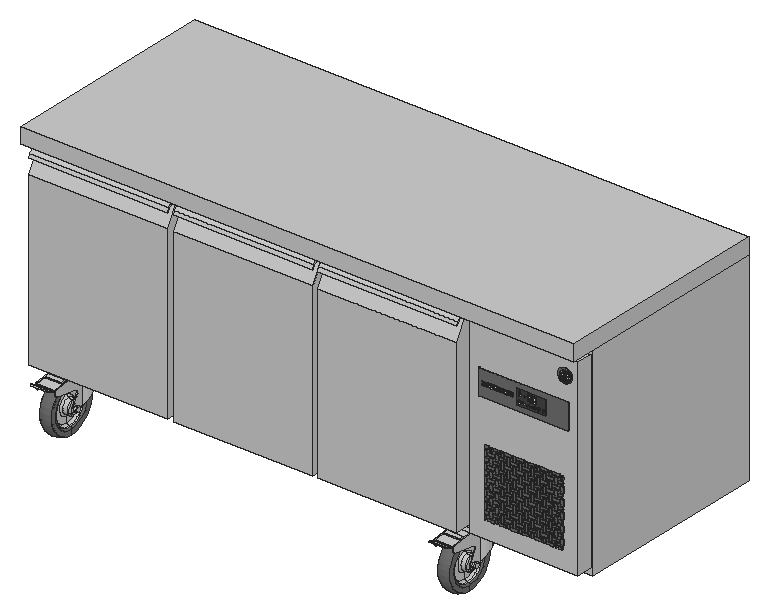
Revit family "QF_HOSHIZAKI_899020861", category Specialty Equipment, Revit 2016 (continued)
Definition of nested family "QF_HOSHIZAKI_ADVANCE_REF-COUNTER-DOORS-DRAWERS"
  Definition of nested family "Left_Door"
    Automatic sketch dimensions
      Extrusion 2 sketch curve to Extrusion 2 sketch curve = 18.812 mm
      Extrusion 2 sketch curve to plane 7 "Front door" = 11 mm
      Extrusion 2 sketch curve to plane 10 = 66.98 mm
      Extrusion 2 sketch curve to plane 10 = 20.008 mm
      Extrusion 2 sketch curve to Extrusion 2 sketch curve = 0.877 mm  (x2)
  Definition of nested family "3_Drawers_1-3"
    Parameters (values of type "3 Drawers 1-3")
      Worktop thickness [instance] = 50 mm
      URL = "www.specifiglobal.com"
      Section size [instance] = 446 mm
      Model = ""
      Manufacturer = "DEMO CONSULTANT"
      Legs height [instance] = 150 mm
      Height Actual [instance] = 850 mm
      Description = ""
      Depth Actual [instance] = 700 mm
      Assembly Code = "E1090320"
      3 Drawers = yes
    Reference planes
      plane 1 "Back": y = 0
      plane 2: z = 0
      plane 3 "Left": x = 0
      plane 4 "Right": x = 446
      plane 5 "Front": y = -700
      plane 6 "Top": z = 850
      plane 7 "Front door": y = -633
      plane 8 "Bottom shelf": z = 150
      plane 9 "Worktop bottom": z = 800
      plane 10: z = 784
      plane 11: z = 170
      plane 12: z = 584
      plane 13: z = 577
      plane 14: z = 370
      plane 15: z = 377
      plane 16: z = 580.5
      plane 17: z = 373.5
      plane 18: z = 166.5
      plane 19: z = 787.5
    Forms (mm)
      Extrusion 1, solid, visible <- "3 Drawers"
        sketch origin (860, -633, 4000) x (-1, 0, 0) y (0, 0, 1)
          loop
            line (852, -3224) -> (422, -3224) -> (422, -3408) -> (852, -3408) -> (852, -3224)
          loop
            line (823, -3253) -> (451, -3253) -> (451, -3379) -> (823, -3379) -> (823, -3253)
        from 0 to -11
      Extrusion 2, solid, visible <- "3 Drawers"
        sketch origin (0, 0, 0) x (0, 1, 0) y (0, 0, 1)
          loop
            line (-644, 784) -> (-675.296, 784)
            arc (-675.296, 784) -> (-683.245, 781.721) -> (-688.778, 775.576) r 15
            line (-688.778, 775.576) -> (-694, 764.869) -> (-692.202, 763.992) -> (-686.981, 774.699)
            arc (-686.981, 774.699) -> (-682.185, 780.025) -> (-675.296, 782) r 13
            line (-675.296, 782) -> (-656.484, 782) -> (-694, 717.02) -> (-694, 584) -> (-644, 584) -> (-644, 784)
        from 0 to 446
      Extrusion 3, solid, visible <- "3 Drawers"
        sketch origin (0, 0, -237.3) x (0, 1, 0) y (0, 0, 1)
          loop
            line (-644, 814.3) -> (-675.296, 814.3)
            arc (-675.296, 814.3) -> (-683.245, 812.021) -> (-688.778, 805.876) r 15
            line (-688.778, 805.876) -> (-694, 795.169) -> (-692.202, 794.292) -> (-686.981, 804.999)
            arc (-686.981, 804.999) -> (-682.185, 810.325) -> (-675.296, 812.3) r 13
            line (-675.296, 812.3) -> (-656.484, 812.3) -> (-694, 747.32) -> (-694, 614.3) -> (-644, 614.3) -> (-644, 814.3)
        from 0 to 446
      Extrusion 4, solid, visible <- "3 Drawers"
        sketch origin (0, 0, -463.333) x (0, 1, 0) y (0, 0, 1)
          loop
            line (-644, 833.333) -> (-675.296, 833.333)
            arc (-675.296, 833.333) -> (-683.245, 831.054) -> (-688.778, 824.909) r 15
            line (-688.778, 824.909) -> (-694, 814.202) -> (-692.202, 813.326) -> (-686.981, 824.032)
            arc (-686.981, 824.032) -> (-682.185, 829.358) -> (-675.296, 831.333) r 13
            line (-675.296, 831.333) -> (-656.484, 831.333) -> (-694, 766.353) -> (-694, 633.333) -> (-644, 633.333) -> (-644, 833.333)
        from 0 to 446
      Extrusion 5, solid, visible <- "3 Drawers"
        sketch origin (860, -633, 3773.7) x (-1, 0, 0) y (0, 0, 1)
          loop
            line (852, -3204.7) -> (422, -3204.7) -> (422, -3388.7) -> (852, -3388.7) -> (852, -3204.7)
          loop
            line (823, -3233.7) -> (451, -3233.7) -> (451, -3359.7) -> (823, -3359.7) -> (823, -3233.7)
        from 0 to -11
      Extrusion 6, solid, visible <- "3 Drawers"
        sketch origin (860, -633, 3547) x (-1, 0, 0) y (0, 0, 1)
          loop
            line (852, -3185) -> (422, -3185) -> (422, -3369) -> (852, -3369) -> (852, -3185)
          loop
            line (823, -3214) -> (451, -3214) -> (451, -3340) -> (823, -3340) -> (823, -3214)
        from 0 to -11
      Extrusion 7, solid, visible <- "3 Drawers", detail levels coarse
        sketch origin (0, -608.657, 584) x (0, 1, 0) y (-1, 0, 0)
          loop
            line (-85.343, 0) -> (-551.343, 0) -> (-551.343, -446) -> (-85.343, -446) -> (-85.343, 0)
        from 0 to 200
      Extrusion 8, solid, visible <- "3 Drawers", detail levels coarse
        sketch origin (0, -503.657, 377) x (0, 1, 0) y (-1, 0, 0)
          loop
            line (-190.343, 0) -> (-656.343, 0) -> (-656.343, -446) -> (-190.343, -446) -> (-190.343, 0)
        from 0 to 200
      Extrusion 9, solid, visible <- "3 Drawers", detail levels coarse
        sketch origin (0, -343.657, 170) x (0, 1, 0) y (-1, 0, 0)
          loop
            line (-350.343, 0) -> (-816.343, 0) -> (-816.343, -446) -> (-350.343, -446) -> (-350.343, 0)
        from 0 to 200
    Lines and regions (mm)
      symbolic lines, visible <- "3 Drawers"
        curve 1: line (0, -808, 850) -> (0, -854, 850)
        curve 2: line (0, -854, 850) -> (446, -854, 850)
        curve 3: line (446, -854, 850) -> (446, -808, 850)
        curve 4: line (446, -808, 850) -> (0, -808, 850)
        curve 5: line (416, -808, 850) -> (416, -700, 850)
        curve 6: line (30, -808, 850) -> (30, -700, 850)
        curve 7: line (0, -961, 850) -> (0, -1007, 850)
        curve 8: line (0, -1007, 850) -> (446, -1007, 850)
        curve 9: line (446, -1007, 850) -> (446, -961, 850)
        curve 10: line (446, -961, 850) -> (0, -961, 850)
        curve 11: line (416, -961, 850) -> (416, -854, 850)
        curve 12: line (30, -961, 850) -> (30, -854, 850)
        curve 13: line (0, -1114, 850) -> (0, -1160, 850)
        curve 14: line (0, -1160, 850) -> (446, -1160, 850)
        curve 15: line (446, -1160, 850) -> (446, -1114, 850)
        curve 16: line (446, -1114, 850) -> (0, -1114, 850)
        curve 17: line (416, -1114, 850) -> (416, -1007, 850)
        curve 18: line (30, -1114, 850) -> (30, -1007, 850)
    Dimensions and locks
      "Section size": plane 3 "Left" to plane 4 "Right"
      "Depth Actual": plane 5 "Front" to plane 1 "Back"
      "Height Actual": plane 6 "Top" to level
      locked: plane 7 "Front door" to plane 5 "Front" at 67
      "Legs height": plane 8 "Bottom shelf" to plane 2
      "Worktop thickness": plane 6 "Top" to plane 9 "Worktop bottom"
      locked: plane 11 to plane 8 "Bottom shelf" at 20
      locked: plane 9 "Worktop bottom" to plane 10 at 16
      locked: plane 12 to plane 13 at 7
      locked: plane 15 to plane 14 at 7
      locked: plane 11 to plane 18 at 3.5
      equal spacing: plane 12, plane 16, plane 13
      equal spacing: plane 15, plane 17, plane 14
      locked: plane 19 to plane 10 at 3.5
      equal spacing: plane 19, plane 16, plane 17, plane 18
      aligned and locked: level to plane 2
      aligned and locked: Extrusion 2 to plane 4 "Right"
      aligned and locked: Extrusion 3 to plane 4 "Right"
      aligned and locked: Extrusion 4 to plane 4 "Right"
      aligned and locked: plane 4 "Right" to Extrusion 7 sketch curve
      aligned and locked: plane 3 "Left" to Extrusion 7 sketch curve
      aligned and locked: Extrusion 7 to plane 10
      aligned and locked: Extrusion 8 to plane 13
      aligned and locked: Extrusion 9 to plane 14
      aligned and locked: plane 10 to Extrusion 2 sketch curve
      aligned and locked: Extrusion 2 sketch curve to plane 12
      aligned and locked: Extrusion 3 sketch curve to plane 15
      aligned and locked: plane 13 to Extrusion 3 sketch curve
    Automatic sketch dimensions
      plane 4 "Right" to Extrusion 1 sketch curve = 8 mm
      plane 4 "Right" to Extrusion 1 sketch curve = 37 mm
      plane 3 "Left" to Extrusion 1 sketch curve = 37 mm
      plane 3 "Left" to Extrusion 1 sketch curve = 8 mm
      plane 12 to Extrusion 1 sketch curve = 8 mm
      plane 12 to Extrusion 1 sketch curve = 37 mm
      Extrusion 1 sketch curve to plane 10 = 37 mm
      Extrusion 1 sketch curve to plane 10 = 8 mm
      plane 4 "Right" to Extrusion 5 sketch curve = 8 mm
      plane 4 "Right" to Extrusion 5 sketch curve = 37 mm
      plane 3 "Left" to Extrusion 5 sketch curve = 37 mm
      plane 3 "Left" to Extrusion 5 sketch curve = 8 mm
      plane 15 to Extrusion 5 sketch curve = 8 mm
      plane 15 to Extrusion 5 sketch curve = 37 mm
      Extrusion 5 sketch curve to plane 13 = 37 mm
      Extrusion 5 sketch curve to plane 13 = 8 mm
      plane 4 "Right" to Extrusion 6 sketch curve = 8 mm
      plane 4 "Right" to Extrusion 6 sketch curve = 37 mm
      plane 3 "Left" to Extrusion 6 sketch curve = 37 mm
      plane 3 "Left" to Extrusion 6 sketch curve = 8 mm
      plane 11 to Extrusion 6 sketch curve = 8 mm
      plane 11 to Extrusion 6 sketch curve = 37 mm
      Extrusion 6 sketch curve to plane 14 = 37 mm
      Extrusion 6 sketch curve to plane 14 = 8 mm
      Extrusion 7 sketch curve to plane 5 "Front" = 460 mm
      plane 5 "Front" to Extrusion 7 sketch curve = 6 mm
      Extrusion 8 sketch curve to plane 3 "Left" = 0 mm
      Extrusion 8 sketch curve to plane 4 "Right" = 0 mm
      Extrusion 8 sketch curve to plane 5 "Front" = 460 mm
      plane 5 "Front" to Extrusion 8 sketch curve = 6 mm
      Extrusion 9 sketch curve to plane 3 "Left" = 0 mm
      Extrusion 9 sketch curve to plane 4 "Right" = 0 mm
      Extrusion 9 sketch curve to plane 5 "Front" = 460 mm
      plane 5 "Front" to Extrusion 9 sketch curve = 6 mm
      curve 13 to plane 3 "Left" = 0 mm
      curve 14 to plane 4 "Right" = 0 mm
      curve 7 to plane 3 "Left" = 0 mm
      curve 8 to plane 4 "Right" = 0 mm
      curve 1 to plane 3 "Left" = 0 mm
      curve 3 to plane 4 "Right" = 0 mm
      curve 6 to plane 5 "Front" = 0 mm
      curve 5 to plane 5 "Front" = 0 mm
      curve 1 to plane 5 "Front" = 108 mm
      curve 2 to curve 3 = 46 mm
      curve 7 to curve 1 = 107 mm
      curve 9 to curve 9 = 46 mm
      curve 16 to curve 7 = 107 mm
      curve 14 to curve 13 = 46 mm
      curve 8 to curve 17 = 30 mm
      curve 9 to curve 11 = 30 mm
      curve 3 to curve 5 = 30 mm
      plane 3 "Left" to curve 6 = 30 mm
      plane 3 "Left" to curve 18 = 30 mm
      plane 3 "Left" to curve 12 = 30 mm
      Extrusion 2 sketch curve to Extrusion 2 sketch curve = 0 mm  (x3)
      plane 5 "Front" to Extrusion 2 sketch curve = 6 mm  (x2)
      Extrusion 2 sketch curve to Extrusion 2 sketch curve = 1.798 mm  (x2)
      Extrusion 2 sketch curve to Extrusion 2 sketch curve = 11.684 mm
      plane 5 "Front" to Extrusion 2 sketch curve = 43.516 mm
      plane 5 "Front" to Extrusion 2 sketch curve = 56 mm
      Extrusion 2 sketch curve to plane 10 = 66.98 mm
      Extrusion 3 sketch curve to Extrusion 3 sketch curve = 0 mm  (x4)
      Extrusion 3 sketch curve to Extrusion 3 sketch curve = 1.798 mm  (x2)
      plane 5 "Front" to Extrusion 3 sketch curve = 11.222 mm
      Extrusion 3 sketch curve to Extrusion 3 sketch curve = 18.812 mm
      Extrusion 3 sketch curve to plane 7 "Front door" = 11 mm
      Extrusion 3 sketch curve to Extrusion 3 sketch curve = 46.972 mm
      Extrusion 4 sketch curve to Extrusion 4 sketch curve = 0 mm  (x2)
      Extrusion 4 sketch curve to plane 11 = 0 mm
      Extrusion 4 sketch curve to plane 14 = 0 mm
      Extrusion 4 sketch curve to plane 7 "Front door" = 61 mm  (x2)
      Extrusion 4 sketch curve to Extrusion 4 sketch curve = 1.798 mm  (x2)
      Extrusion 4 sketch curve to plane 14 = 8.424 mm
      Extrusion 4 sketch curve to Extrusion 4 sketch curve = 5.222 mm
      Extrusion 4 sketch curve to plane 14 = 9.301 mm
      Extrusion 4 sketch curve to plane 7 "Front door" = 42.296 mm
      Extrusion 4 sketch curve to plane 7 "Front door" = 23.484 mm
      Extrusion 4 sketch curve to plane 7 "Front door" = 11 mm
      Extrusion 4 sketch curve to Extrusion 4 sketch curve = 46.972 mm
      plane 5 "Front" to Extrusion 2 sketch curve = 11.222 mm
      plane 5 "Front" to Extrusion 3 sketch curve = 7.798 mm
      plane 5 "Front" to Extrusion 3 sketch curve = 6 mm
      Extrusion 3 sketch curve to Extrusion 3 sketch curve = 11.684 mm
      Extrusion 3 sketch curve to Extrusion 3 sketch curve = 66.98 mm
      Extrusion 3 sketch curve to Extrusion 3 sketch curve = 0.877 mm
      Extrusion 2 sketch curve to plane 10 = 20.008 mm
      Extrusion 2 sketch curve to Extrusion 2 sketch curve = 0.877 mm
  Definition of nested family "2_Drawers_1-2"
    Parameters (values of type "2 Drawers 1-2")
      Worktop thickness [instance] = 50 mm
      URL = "www.specifiglobal.com"
      Section size [instance] = 446 mm
      Model = ""
      Manufacturer = "DEMO CONSULTANT"
      Legs height [instance] = 150 mm
      Height Actual [instance] = 850 mm
      Description = ""
      Depth Actual [instance] = 700 mm
      Assembly Code = "E1090320"
      2 Drawers = yes
    Reference planes
      plane 1 "Back": y = 0
      plane 2: z = 0
      plane 3 "Left": x = 0
      plane 4 "Right": x = 446
      plane 5 "Front": y = -700
      plane 6 "Top": z = 850
      plane 7 "Front door": y = -633
      plane 8 "Bottom shelf": z = 150
      plane 9 "Worktop bottom": z = 800
      plane 10: z = 784
      plane 11: z = 170
      plane 12: z = 481
      plane 13: z = 473
      plane 14: z = 477
      plane 15: z = 792
      plane 16: z = 160
    Forms (mm)
      Extrusion 1, solid, visible <- "2 Drawers"
        sketch origin (860, -633, 4000) x (-1, 0, 0) y (0, 0, 1)
          loop
            line (852, -3224) -> (422, -3224) -> (422, -3511) -> (852, -3511) -> (852, -3224)
          loop
            line (823, -3253) -> (451, -3253) -> (451, -3482) -> (823, -3482) -> (823, -3253)
        from 0 to -11
      Extrusion 2, solid, visible <- "2 Drawers"
        sketch origin (0, 0, 0) x (0, 1, 0) y (0, 0, 1)
          loop
            line (-644, 784) -> (-675.296, 784)
            arc (-675.296, 784) -> (-683.245, 781.721) -> (-688.778, 775.576) r 15
            line (-688.778, 775.576) -> (-694, 764.869) -> (-692.202, 763.992) -> (-686.981, 774.699)
            arc (-686.981, 774.699) -> (-682.185, 780.025) -> (-675.296, 782) r 13
            line (-675.296, 782) -> (-656.484, 782) -> (-694, 717.02) -> (-694, 481) -> (-644, 481) -> (-644, 784)
        from 0 to 446
      Extrusion 3, solid, visible <- "2 Drawers"
        sketch origin (0, 0, -463.333) x (0, 1, 0) y (0, 0, 1)
          loop
            line (-644, 936.333) -> (-675.296, 936.333)
            arc (-675.296, 936.333) -> (-683.245, 934.054) -> (-688.778, 927.909) r 15
            line (-688.778, 927.909) -> (-694, 917.202) -> (-692.202, 916.326) -> (-686.981, 927.032)
            arc (-686.981, 927.032) -> (-682.185, 932.358) -> (-675.296, 934.333) r 13
            line (-675.296, 934.333) -> (-656.484, 934.333) -> (-694, 869.353) -> (-694, 633.333) -> (-644, 633.333) -> (-644, 936.333)
        from 0 to 446
      Extrusion 4, solid, visible <- "2 Drawers"
        sketch origin (860, -633, 3547) x (-1, 0, 0) y (0, 0, 1)
          loop
            line (852, -3082) -> (422, -3082) -> (422, -3369) -> (852, -3369) -> (852, -3082)
          loop
            line (823, -3111) -> (451, -3111) -> (451, -3340) -> (823, -3340) -> (823, -3111)
        from 0 to -11
      Extrusion 5, solid, visible <- "2 Drawers", detail levels coarse
        sketch origin (0, -608.657, 481) x (0, 1, 0) y (-1, 0, 0)
          loop
            line (-85.343, 0) -> (-551.343, 0) -> (-551.343, -446) -> (-85.343, -446) -> (-85.343, 0)
        from 0 to 303
      Extrusion 6, solid, visible <- "2 Drawers", detail levels coarse
        sketch origin (0, -343.657, 170) x (0, 1, 0) y (-1, 0, 0)
          loop
            line (-350.343, 0) -> (-816.343, 0) -> (-816.343, -446) -> (-350.343, -446) -> (-350.343, 0)
        from 0 to 303
    Lines and regions (mm)
      symbolic lines, visible <- "2 Drawers"
        curve 1: line (0, -884, 850) -> (0, -930, 850)
        curve 2: line (0, -930, 850) -> (446, -930, 850)
        curve 3: line (446, -930, 850) -> (446, -884, 850)
        curve 4: line (446, -884, 850) -> (0, -884, 850)
        curve 5: line (416, -884, 850) -> (416, -700, 850)
        curve 6: line (30, -884, 850) -> (30, -700, 850)
        curve 7: line (0, -1114, 850) -> (0, -1160, 850)
        curve 8: line (0, -1160, 850) -> (446, -1160, 850)
        curve 9: line (446, -1160, 850) -> (446, -1114, 850)
        curve 10: line (446, -1114, 850) -> (0, -1114, 850)
        curve 11: line (416, -1114, 850) -> (416, -930, 850)
        curve 12: line (30, -1114, 850) -> (30, -930, 850)
    Dimensions and locks
      "Section size": plane 3 "Left" to plane 4 "Right"
      "Depth Actual": plane 5 "Front" to plane 1 "Back"
      "Height Actual": plane 6 "Top" to level
      locked: plane 7 "Front door" to plane 5 "Front" at 67
      "Legs height": plane 8 "Bottom shelf" to plane 2
      "Worktop thickness": plane 6 "Top" to plane 9 "Worktop bottom"
      locked: plane 11 to plane 8 "Bottom shelf" at 20
      locked: plane 9 "Worktop bottom" to plane 10 at 16
      equal spacing: plane 9 "Worktop bottom", plane 15, plane 10
      equal spacing: plane 11, plane 16, plane 8 "Bottom shelf"
      plane 12 to plane 13 = 8 mm
      equal spacing: plane 12, plane 14, plane 13
      equal spacing: plane 10, plane 14, plane 11
      aligned and locked: level to plane 2
      aligned and locked: Extrusion 2 to plane 4 "Right"
      aligned and locked: Extrusion 3 to plane 4 "Right"
      aligned and locked: plane 4 "Right" to Extrusion 5 sketch curve
      aligned and locked: plane 3 "Left" to Extrusion 5 sketch curve
      aligned and locked: Extrusion 5 to plane 10
      aligned and locked: Extrusion 6 to plane 13
      aligned and locked: Extrusion 2 sketch curve to plane 12
      aligned and locked: plane 10 to Extrusion 2 sketch curve
      aligned and locked: Extrusion 3 sketch curve to plane 11
      aligned and locked: plane 13 to Extrusion 3 sketch curve
    Automatic sketch dimensions
      plane 4 "Right" to Extrusion 1 sketch curve = 8 mm
      plane 4 "Right" to Extrusion 1 sketch curve = 37 mm
      plane 3 "Left" to Extrusion 1 sketch curve = 37 mm
      plane 3 "Left" to Extrusion 1 sketch curve = 8 mm
      plane 12 to Extrusion 1 sketch curve = 8 mm
      plane 12 to Extrusion 1 sketch curve = 37 mm
      Extrusion 1 sketch curve to plane 10 = 37 mm
      Extrusion 1 sketch curve to plane 10 = 8 mm
      plane 4 "Right" to Extrusion 4 sketch curve = 8 mm
      plane 4 "Right" to Extrusion 4 sketch curve = 37 mm
      plane 3 "Left" to Extrusion 4 sketch curve = 37 mm
      plane 3 "Left" to Extrusion 4 sketch curve = 8 mm
      plane 11 to Extrusion 4 sketch curve = 8 mm
      plane 11 to Extrusion 4 sketch curve = 37 mm
      Extrusion 4 sketch curve to plane 13 = 37 mm
      Extrusion 4 sketch curve to plane 13 = 8 mm
      Extrusion 5 sketch curve to plane 5 "Front" = 460 mm
      plane 5 "Front" to Extrusion 5 sketch curve = 6 mm
      Extrusion 6 sketch curve to plane 3 "Left" = 0 mm
      Extrusion 6 sketch curve to plane 4 "Right" = 0 mm
      Extrusion 6 sketch curve to plane 5 "Front" = 460 mm
      plane 5 "Front" to Extrusion 6 sketch curve = 6 mm
      curve 8 to plane 3 "Left" = 0 mm
      curve 8 to plane 4 "Right" = 0 mm
      curve 3 to plane 4 "Right" = 0 mm
      curve 1 to plane 3 "Left" = 0 mm
      curve 5 to plane 5 "Front" = 0 mm
      curve 6 to plane 5 "Front" = 0 mm
      curve 4 to plane 5 "Front" = 184 mm
      curve 2 to curve 1 = 46 mm
      curve 7 to curve 1 = 184 mm
      curve 9 to curve 9 = 46 mm
      plane 4 "Right" to curve 5 = 30 mm
      plane 4 "Right" to curve 11 = 30 mm
      plane 3 "Left" to curve 12 = 30 mm
      plane 3 "Left" to curve 6 = 30 mm
      Extrusion 2 sketch curve to Extrusion 2 sketch curve = 0 mm  (x2)
      plane 5 "Front" to Extrusion 2 sketch curve = 6 mm  (x2)
      Extrusion 2 sketch curve to Extrusion 2 sketch curve = 1.798 mm  (x2)
      Extrusion 2 sketch curve to Extrusion 2 sketch curve = 5.222 mm
      plane 5 "Front" to Extrusion 2 sketch curve = 24.704 mm
      plane 5 "Front" to Extrusion 2 sketch curve = 43.516 mm
      plane 5 "Front" to Extrusion 2 sketch curve = 56 mm
      Extrusion 2 sketch curve to Extrusion 2 sketch curve = 46.972 mm
      Extrusion 2 sketch curve to Extrusion 2 sketch curve = 0.877 mm
      Extrusion 2 sketch curve to Extrusion 2 sketch curve = 5.699 mm
      plane 5 "Front" to Extrusion 3 sketch curve = 6 mm  (x2)
      Extrusion 3 sketch curve to Extrusion 3 sketch curve = 1.798 mm  (x2)
      Extrusion 3 sketch curve to Extrusion 3 sketch curve = 5.222 mm
      Extrusion 3 sketch curve to Extrusion 3 sketch curve = 11.684 mm
      plane 5 "Front" to Extrusion 3 sketch curve = 43.516 mm
      plane 5 "Front" to Extrusion 3 sketch curve = 56 mm
      Extrusion 3 sketch curve to Extrusion 3 sketch curve = 46.972 mm
      Extrusion 3 sketch curve to Extrusion 3 sketch curve = 0 mm  (x2)
      Extrusion 3 sketch curve to Extrusion 3 sketch curve = 5.699 mm
      Extrusion 3 sketch curve to Extrusion 3 sketch curve = 0.877 mm
  Definition of nested family "3_Drawers_1-3_2-3"
    Parameters (values of type "2 Drawers 1-3 and 2-3")
      Worktop thickness [instance] = 40 mm
      URL = "www.specifiglobal.com"
      Section size [instance] = 421 mm
      Model = ""
      Manufacturer = "DEMO CONSULTANT"
      Legs height [instance] = 150 mm
      Height Actual [instance] = 900 mm
      Description = ""
      Depth Actual [instance] = 700 mm
      Assembly Code = "E1090320"
      2 Drawers 1-3 and 2-3 = yes
    Reference planes
      plane 1 "Back": y = 0
      plane 2: z = 0
      plane 3 "Left": x = 0
      plane 4 "Right": x = 421
      plane 5 "Front": y = -700
      plane 6 "Top": z = 900
      plane 7 "Front door": y = -633
      plane 8 "Bottom shelf": z = 150
      plane 9 "Worktop bottom": z = 860
      plane 10: z = 841
      plane 11: z = 186
      plane 12: z = 627
      plane 13: z = 620
      plane 14: z = 623.5
      plane 15: z = 850.5
      plane 16: z = 168
    Forms (mm)
      Extrusion 1, solid, visible <- "2 Drawers 1-3 and 2-3"
        sketch origin (860, -633, 4000) x (-1, 0, 0) y (0, 0, 1)
          loop
            line (852, -3167) -> (447, -3167) -> (447, -3365) -> (852, -3365) -> (852, -3167)
          loop
            line (823, -3196) -> (476, -3196) -> (476, -3336) -> (823, -3336) -> (823, -3196)
        from 0 to -11
      Extrusion 2, solid, visible <- "2 Drawers 1-3 and 2-3"
        sketch origin (0, 0, 0) x (0, 1, 0) y (0, 0, 1)
          loop
            line (-644, 841) -> (-675.296, 841)
            arc (-675.296, 841) -> (-683.245, 838.721) -> (-688.778, 832.576) r 15
            line (-688.778, 832.576) -> (-694, 821.869) -> (-692.202, 820.992) -> (-686.981, 831.699)
            arc (-686.981, 831.699) -> (-682.185, 837.025) -> (-675.296, 839) r 13
            line (-675.296, 839) -> (-656.484, 839) -> (-694, 774.02) -> (-694, 627) -> (-644, 627) -> (-644, 841)
        from 0 to 421
      Extrusion 3, solid, visible <- "2 Drawers 1-3 and 2-3"
        sketch origin (0, 0, -463.333) x (0, 1, 0) y (0, 0, 1)
          loop
            line (-644, 1083.333) -> (-675.296, 1083.333)
            arc (-675.296, 1083.333) -> (-683.245, 1081.054) -> (-688.778, 1074.909) r 15
            line (-688.778, 1074.909) -> (-694, 1064.202) -> (-692.202, 1063.326) -> (-686.981, 1074.032)
            arc (-686.981, 1074.032) -> (-682.185, 1079.358) -> (-675.296, 1081.333) r 13
            line (-675.296, 1081.333) -> (-656.484, 1081.333) -> (-694, 1016.353) -> (-694, 649.333) -> (-644, 649.333) -> (-644, 1083.333)
        from 0 to 421
      Extrusion 4, solid, visible <- "2 Drawers 1-3 and 2-3"
        sketch origin (860, -633, 3547) x (-1, 0, 0) y (0, 0, 1)
          loop
            line (852, -2935) -> (447, -2935) -> (447, -3353) -> (852, -3353) -> (852, -2935)
          loop
            line (823, -2964) -> (476, -2964) -> (476, -3324) -> (823, -3324) -> (823, -2964)
        from 0 to -11
      Extrusion 5, solid, visible <- "2 Drawers 1-3 and 2-3", detail levels coarse
        sketch origin (0, -608.657, 627) x (0, 1, 0) y (-1, 0, 0)
          loop
            line (-85.343, 0) -> (-551.343, 0) -> (-551.343, -421) -> (-85.343, -421) -> (-85.343, 0)
        from 0 to 214
      Extrusion 6, solid, visible <- "2 Drawers 1-3 and 2-3", detail levels coarse
        sketch origin (0, -343.657, 186) x (0, 1, 0) y (-1, 0, 0)
          loop
            line (-350.343, 0) -> (-816.343, 0) -> (-816.343, -421) -> (-350.343, -421) -> (-350.343, 0)
        from 0 to 434
    Lines and regions (mm)
      symbolic lines, visible <- "2 Drawers 1-3 and 2-3"
        curve 1: line (0, -804, 900) -> (0, -850, 900)
        curve 2: line (0, -850, 900) -> (421, -850, 900)
        curve 3: line (421, -850, 900) -> (421, -804, 900)
        curve 4: line (421, -804, 900) -> (0, -804, 900)
        curve 5: line (391, -804, 900) -> (391, -700, 900)
        curve 6: line (30, -804, 900) -> (30, -700, 900)
        curve 7: line (0, -1114, 900) -> (0, -1160, 900)
        curve 8: line (0, -1160, 900) -> (421, -1160, 900)
        curve 9: line (421, -1160, 900) -> (421, -1114, 900)
        curve 10: line (421, -1114, 900) -> (0, -1114, 900)
        curve 11: line (391, -1114, 900) -> (391, -850, 900)
        curve 12: line (30, -1114, 900) -> (30, -850, 900)
    Dimensions and locks
      "Section size": plane 3 "Left" to plane 4 "Right"
      "Depth Actual": plane 5 "Front" to plane 1 "Back"
      "Height Actual": plane 6 "Top" to level
      locked: plane 7 "Front door" to plane 5 "Front" at 67
      "Legs height": plane 8 "Bottom shelf" to plane 2
      "Worktop thickness": plane 6 "Top" to plane 9 "Worktop bottom"
      locked: plane 11 to plane 8 "Bottom shelf" at 36
      locked: plane 9 "Worktop bottom" to plane 10 at 19
      locked: plane 12 to plane 13 at 7
      equal spacing: plane 9 "Worktop bottom", plane 15, plane 10
      equal spacing: plane 11, plane 16, plane 8 "Bottom shelf"
      locked: Extrusion 4 sketch curve to plane 13 at 37
      locked: Extrusion 4 sketch curve to plane 13 at 8
      equal spacing: plane 12, plane 14, plane 13
      locked: plane 10 to plane 12 at 214
      aligned and locked: level to plane 2
      aligned and locked: Extrusion 2 to plane 4 "Right"
      aligned and locked: Extrusion 3 to plane 4 "Right"
      aligned and locked: plane 4 "Right" to Extrusion 5 sketch curve
      aligned and locked: plane 3 "Left" to Extrusion 5 sketch curve
      aligned and locked: Extrusion 5 to plane 10
      aligned and locked: Extrusion 6 to plane 13
      aligned and locked: plane 10 to Extrusion 2 sketch curve
      aligned and locked: Extrusion 2 sketch curve to plane 12
      aligned and locked: Extrusion 3 sketch curve to plane 11
      aligned and locked: plane 13 to Extrusion 3 sketch curve
    Automatic sketch dimensions
      plane 4 "Right" to Extrusion 1 sketch curve = 8 mm
      plane 4 "Right" to Extrusion 1 sketch curve = 37 mm
      plane 3 "Left" to Extrusion 1 sketch curve = 37 mm
      plane 3 "Left" to Extrusion 1 sketch curve = 8 mm
      plane 12 to Extrusion 1 sketch curve = 8 mm
      plane 12 to Extrusion 1 sketch curve = 37 mm
      Extrusion 1 sketch curve to plane 10 = 37 mm
      Extrusion 1 sketch curve to plane 10 = 8 mm
      plane 4 "Right" to Extrusion 4 sketch curve = 8 mm
      plane 4 "Right" to Extrusion 4 sketch curve = 37 mm
      plane 3 "Left" to Extrusion 4 sketch curve = 37 mm
      plane 3 "Left" to Extrusion 4 sketch curve = 8 mm
      plane 11 to Extrusion 4 sketch curve = 8 mm
      plane 11 to Extrusion 4 sketch curve = 37 mm
      Extrusion 5 sketch curve to plane 5 "Front" = 460 mm
      plane 5 "Front" to Extrusion 5 sketch curve = 6 mm
      Extrusion 6 sketch curve to plane 3 "Left" = 0 mm
      Extrusion 6 sketch curve to plane 4 "Right" = 0 mm
      Extrusion 6 sketch curve to plane 5 "Front" = 460 mm
      plane 5 "Front" to Extrusion 6 sketch curve = 6 mm
      curve 8 to plane 3 "Left" = 0 mm
      curve 8 to plane 4 "Right" = 0 mm
      curve 3 to plane 4 "Right" = 0 mm
      curve 1 to plane 3 "Left" = 0 mm
      curve 5 to plane 5 "Front" = 0 mm
      curve 6 to plane 5 "Front" = 0 mm
      curve 4 to plane 5 "Front" = 104 mm
      curve 2 to curve 1 = 46 mm
      curve 7 to curve 1 = 264 mm
      curve 9 to curve 9 = 46 mm
      curve 3 to curve 5 = 30 mm
      plane 4 "Right" to curve 11 = 30 mm
      plane 3 "Left" to curve 12 = 30 mm
      plane 3 "Left" to curve 6 = 30 mm
      Extrusion 2 sketch curve to Extrusion 2 sketch curve = 0 mm  (x2)
      Extrusion 2 sketch curve to plane 7 "Front door" = 61 mm  (x2)
      Extrusion 2 sketch curve to Extrusion 2 sketch curve = 1.798 mm  (x2)
      Extrusion 2 sketch curve to Extrusion 2 sketch curve = 5.222 mm
      Extrusion 2 sketch curve to Extrusion 2 sketch curve = 11.684 mm
      Extrusion 2 sketch curve to Extrusion 2 sketch curve = 18.812 mm
      Extrusion 2 sketch curve to Extrusion 2 sketch curve = 50 mm
      Extrusion 2 sketch curve to Extrusion 2 sketch curve = 46.972 mm
      Extrusion 2 sketch curve to Extrusion 2 sketch curve = 0.877 mm
      Extrusion 2 sketch curve to Extrusion 2 sketch curve = 5.699 mm
      Extrusion 3 sketch curve to Extrusion 3 sketch curve = 0 mm  (x2)
      plane 5 "Front" to Extrusion 3 sketch curve = 6 mm  (x2)
      Extrusion 3 sketch curve to Extrusion 3 sketch curve = 1.798 mm  (x2)
      plane 5 "Front" to Extrusion 3 sketch curve = 11.222 mm
      Extrusion 3 sketch curve to Extrusion 3 sketch curve = 11.684 mm
      Extrusion 3 sketch curve to Extrusion 3 sketch curve = 18.812 mm
      Extrusion 3 sketch curve to plane 7 "Front door" = 11 mm
      Extrusion 3 sketch curve to Extrusion 3 sketch curve = 57.679 mm
      Extrusion 3 sketch curve to Extrusion 3 sketch curve = 10.706 mm
      Extrusion 3 sketch curve to Extrusion 3 sketch curve = 5.699 mm
  Definition of nested family "Right_Glass_Door"
    Parameters (values of type "Right glass door")
      Worktop thickness [instance] = 40 mm
      URL = "www.specifiglobal.com"
      Section size [instance] = 421 mm
      Right hand hinged glass door = yes
      Model = ""
      Manufacturer = "DEMO CONSULTANT"
      Legs height [instance] = 150 mm
      Height Actual [instance] = 900 mm
      Description = ""
      Depth Actual [instance] = 700 mm
      Assembly Code = "E1090320"
    Reference planes
      plane 1 "Back": y = 0
      plane 2: z = 0
      plane 3 "Left": x = 0
      plane 4 "Right": x = 421
      plane 5 "Front": y = -700
      plane 6 "Top": z = 900
      plane 7 "Front door": y = -633
      plane 8 "Bottom shelf": z = 150
      plane 9 "Worktop bottom": z = 860
      plane 10: z = 841
      plane 11: z = 186
    Forms (mm)
      Extrusion 1, solid, visible <- "Right hand hinged glass door", detail levels coarse
        sketch origin (0, -608.657, 186) x (0, 1, 0) y (-1, 0, 0)
          loop
            arc (-85.343, 0) -> (-383.035, -123.308) -> (-506.343, -421) r 421
            line (-506.343, -421) -> (-85.343, -421) -> (-85.343, 0)
        from 0 to 655
      Extrusion 2, solid, visible <- "Right hand hinged glass door"
        sketch origin (860, -633, 4000) x (-1, 0, 0) y (0, 0, 1)
          loop
            line (852, -3167) -> (447, -3167) -> (447, -3806) -> (852, -3806) -> (852, -3167)
          loop
            line (823, -3196) -> (476, -3196) -> (476, -3777) -> (823, -3777) -> (823, -3196)
        from 0 to -11
      Extrusion 3, solid, visible <- "Right hand hinged glass door"
        sketch origin (0, -633, 0) x (-1, 0, 0) y (0, 0, 1)
          loop
            line (0, 841) -> (-421, 841) -> (-421, 186) -> (0, 186) -> (0, 841)
          loop
            line (-50, 791) -> (-371, 791) -> (-371, 236) -> (-50, 236) -> (-50, 791)
        from -11 to -61
      Extrusion 4, solid, visible <- "Right hand hinged glass door"
        sketch origin (0, -633, 0) x (-1, 0, 0) y (0, 0, 1)
          loop
            line (-50, 791) -> (-371, 791) -> (-371, 236) -> (-50, 236) -> (-50, 791)
        from -51 to -61
    Lines and regions (mm)
      symbolic lines, visible <- "Right hand hinged glass door"
        curve 1: line (421, -700, 900) -> (421, -1115, 900)
        curve 2: arc (0.043, -700, 900) -> (125.437, -993.806, 900) -> (421, -1115, 900) r 421
    Dimensions and locks
      "Section size": plane 3 "Left" to plane 4 "Right"
      "Depth Actual": plane 5 "Front" to plane 1 "Back"
      "Height Actual": plane 6 "Top" to level
      locked: plane 7 "Front door" to plane 5 "Front" at 67
      "Legs height": plane 8 "Bottom shelf" to plane 2
      "Worktop thickness": plane 6 "Top" to plane 9 "Worktop bottom"
      locked: plane 11 to plane 8 "Bottom shelf" at 36
      locked: plane 9 "Worktop bottom" to plane 10 at 19
      locked: plane 11 to Extrusion 4 sketch curve at 50
      locked: Extrusion 4 sketch curve to plane 3 "Left" at 50
      locked: Extrusion 4 sketch curve to plane 10 at 50
      locked: plane 4 "Right" to Extrusion 4 sketch curve at 50
      aligned and locked: level to plane 2
      aligned and locked: Extrusion 1 to plane 10
      aligned and locked: Extrusion 3 sketch curve to Extrusion 1  (x2)
      aligned and locked: curve 2 to Extrusion 1
    Automatic sketch dimensions
      plane 4 "Right" to Extrusion 2 sketch curve = 8 mm
      plane 4 "Right" to Extrusion 2 sketch curve = 37 mm
      plane 3 "Left" to Extrusion 2 sketch curve = 37 mm
      plane 3 "Left" to Extrusion 2 sketch curve = 8 mm
      plane 11 to Extrusion 2 sketch curve = 8 mm
      plane 11 to Extrusion 2 sketch curve = 37 mm
      Extrusion 2 sketch curve to plane 10 = 37 mm
      Extrusion 2 sketch curve to plane 10 = 8 mm
      plane 4 "Right" to Extrusion 3 sketch curve = 50 mm
      plane 3 "Left" to Extrusion 3 sketch curve = 50 mm
      plane 11 to Extrusion 3 sketch curve = 50 mm
      Extrusion 3 sketch curve to plane 10 = 50 mm
      Extrusion 1 sketch curve to plane 4 "Right" = 0 mm
      Extrusion 1 sketch curve to plane 3 "Left" = 0 mm
      plane 5 "Front" to Extrusion 1 sketch curve = 6 mm
      plane 4 "Right" to Extrusion 3 sketch curve = 0 mm
      Extrusion 3 sketch curve to plane 3 "Left" = 0 mm
      curve 1 to plane 5 "Front" = 0 mm
      curve 2 to plane 5 "Front" = 0 mm
  Definition of nested family "Left_Glass_Door"
    Parameters (values of type "Left glass door")
      Worktop thickness [instance] = 40 mm
      URL = "www.specifiglobal.com"
      Section size [instance] = 421 mm
      Model = ""
      Manufacturer = "DEMO CONSULTANT"
      Legs height [instance] = 150 mm
      Left hand hinged glass door = yes
      Height Actual [instance] = 900 mm
      Description = ""
      Depth Actual [instance] = 700 mm
      Assembly Code = "E1090320"
    Reference planes
      plane 1 "Back": y = 0
      plane 2: z = 0
      plane 3 "Left": x = 0
      plane 4 "Right": x = 421
      plane 5 "Front": y = -700
      plane 6 "Top": z = 900
      plane 7 "Front door": y = -633
      plane 8 "Bottom shelf": z = 150
      plane 9 "Worktop bottom": z = 860
      plane 10: z = 841
      plane 11: z = 186
    Forms (mm)
      Extrusion 1, solid, visible <- "Left hand hinged glass door"
        sketch origin (860, -633, 4000) x (-1, 0, 0) y (0, 0, 1)
          loop
            line (852, -3167) -> (447, -3167) -> (447, -3806) -> (852, -3806) -> (852, -3167)
          loop
            line (823, -3196) -> (476, -3196) -> (476, -3777) -> (823, -3777) -> (823, -3196)
        from 0 to -11
      Extrusion 2, solid, visible <- "Left hand hinged glass door"
        sketch origin (0, -633, 0) x (-1, 0, 0) y (0, 0, 1)
          loop
            line (0, 841) -> (-421, 841) -> (-421, 186) -> (0, 186) -> (0, 841)
          loop
            line (-50, 791) -> (-371, 791) -> (-371, 236) -> (-50, 236) -> (-50, 791)
        from -11 to -61
      Extrusion 3, solid, visible <- "Left hand hinged glass door"
        sketch origin (0, -633, 0) x (-1, 0, 0) y (0, 0, 1)
          loop
            line (-50, 791) -> (-371, 791) -> (-371, 236) -> (-50, 236) -> (-50, 791)
        from -51 to -61
      Extrusion 4, solid, visible <- "Left hand hinged glass door", detail levels coarse
        sketch origin (0, -608.657, 186) x (0, 1, 0) y (-1, 0, 0)
          loop
            line (-85.343, 0) -> (-506.343, 0)
            arc (-506.343, 0) -> (-383.035, -297.692) -> (-85.343, -421) r 421
            line (-85.343, -421) -> (-85.343, 0)
        from 0 to 655
    Lines and regions (mm)
      symbolic lines, visible <- "Left hand hinged glass door"
        curve 1: line (0, -700, 900) -> (0, -1115, 900)
        curve 2: arc (0, -1115, 900) -> (295.563, -993.806, 900) -> (420.957, -700, 900) r 421
    Dimensions and locks
      "Section size": plane 3 "Left" to plane 4 "Right"
      "Depth Actual": plane 5 "Front" to plane 1 "Back"
      "Height Actual": plane 6 "Top" to level
      locked: plane 7 "Front door" to plane 5 "Front" at 67
      "Legs height": plane 8 "Bottom shelf" to plane 2
      "Worktop thickness": plane 6 "Top" to plane 9 "Worktop bottom"
      locked: plane 11 to plane 8 "Bottom shelf" at 36
      locked: plane 9 "Worktop bottom" to plane 10 at 19
      aligned and locked: level to plane 2
      aligned and locked: Extrusion 4 to plane 10
      aligned and locked: Extrusion 4 to curve 1
      aligned and locked: curve 2 to Extrusion 4
    Automatic sketch dimensions
      plane 4 "Right" to Extrusion 1 sketch curve = 8 mm
      plane 4 "Right" to Extrusion 1 sketch curve = 37 mm
      plane 3 "Left" to Extrusion 1 sketch curve = 37 mm
      plane 3 "Left" to Extrusion 1 sketch curve = 8 mm
      plane 11 to Extrusion 1 sketch curve = 8 mm
      plane 11 to Extrusion 1 sketch curve = 37 mm
      Extrusion 1 sketch curve to plane 10 = 37 mm
      Extrusion 1 sketch curve to plane 10 = 8 mm
      plane 4 "Right" to Extrusion 2 sketch curve = 0 mm
      Extrusion 2 sketch curve to plane 3 "Left" = 0 mm
      Extrusion 2 sketch curve to plane 11 = 0 mm
      Extrusion 2 sketch curve to plane 10 = 0 mm
      plane 4 "Right" to Extrusion 2 sketch curve = 50 mm
      plane 3 "Left" to Extrusion 2 sketch curve = 50 mm
      plane 11 to Extrusion 2 sketch curve = 50 mm
      Extrusion 2 sketch curve to plane 10 = 50 mm
      plane 4 "Right" to Extrusion 3 sketch curve = 50 mm
      plane 3 "Left" to Extrusion 3 sketch curve = 50 mm
      plane 11 to Extrusion 3 sketch curve = 50 mm
      Extrusion 3 sketch curve to plane 10 = 50 mm
      Extrusion 4 sketch curve to plane 3 "Left" = 0 mm
      Extrusion 4 sketch curve to plane 4 "Right" = 0 mm
      plane 5 "Front" to Extrusion 4 sketch curve = 6 mm
      curve 1 to plane 5 "Front" = 0 mm
      curve 2 to plane 5 "Front" = 0 mm
Definition of nested family "QF_HOSHIZAKI_ADVANCE_REF-COUNTER-CASTORS-200"
  Parameters (values of type "760660012-6")
    Weight [instance] = 0.00 kg
    URL Cutsheet [instance] = ""
    URL = "www.hoshizaki-europe.com"
    Status [instance] = ""
    Specification by User [instance] = ""
    Specification by Manufacturer [instance] = ""
    Serial Number [instance] = ""
    Seismic Rating [instance] = ""
    SMACNA No [instance] = ""
    Revision Code [instance] = ""
    NAFEM Spec ID Number [instance] = ""
    Model = "C1"
    Masterspec [instance] = ""
    Manufacturer = "HOSHIZAKI"
    Length Actual [instance] = 1780 mm
    Legs inset right [instance] = 430 mm
    Legs inset rear [instance] = 70 mm
    Legs inset left [instance] = 70 mm
    Legs inset front [instance] = 153 mm
    Item Number [instance] = ""
    Installed By [instance] = ""
    Identify Quantity as Lot [instance] = no
    Height Actual [instance] = 200 mm
    Furnished By [instance] = ""
    Foodservice Equipment Identifier [instance] = no
    Description = "SET OF CASTORS 200MM (2 X BRAKED AND 2 X UNBREAKED) FOR ADVANCE COUNTER - 3 SECTIONS"
    Depth Actual [instance] = 700 mm
    Cost = 0
    Central Castors [instance] = if(Length Actual > 2300 mm, 2 > 1, 2 < 1)  # no
    Castors visibility = yes
    CSI MasterFormat [instance] = ""
    Assembly Code = "E1090320"
    Accessory [instance] = yes
  Reference planes
    plane 1 "Back": y = 0
    plane 2: z = 0
    plane 3 "Left": x = 0
    plane 4 "Right": x = 1780
    plane 5 "Front": y = -700
    plane 6 "Top": z = 200
    plane 7 "Left offset": x = 70
    plane 8 "Right offset": x = 1350
    plane 9 "Rear offset": y = -70
    plane 10 "Front offset": y = -547
    plane 11 "Central": x = 710
  Dimensions and locks
    "Length Actual": plane 3 "Left" to plane 4 "Right"
    "Depth Actual": plane 5 "Front" to plane 1 "Back"
    "Legs inset left": plane 3 "Left" to plane 7 "Left offset"
    "Legs inset right": plane 8 "Right offset" to plane 4 "Right"
    "Legs inset rear": plane 9 "Rear offset" to plane 1 "Back"
    "Legs inset front": plane 10 "Front offset" to plane 5 "Front"
    "Height Actual": plane 6 "Top" to plane 2
    equal spacing: plane 7 "Left offset", plane 11 "Central", plane 8 "Right offset"
    aligned and locked: level to plane 2
    aligned and locked: nested 1 to plane 7 "Left offset"
    aligned and locked: nested 1 to plane 9 "Rear offset"
    aligned and locked: nested 2 to plane 10 "Front offset"
    aligned and locked: nested 3 to plane 9 "Rear offset"
    aligned and locked: nested 4 to plane 10 "Front offset"
    aligned and locked: nested 2 to plane 7 "Left offset"
    aligned and locked: nested 4 to plane 8 "Right offset"
    aligned and locked: nested 3 to plane 8 "Right offset"
    aligned and locked: nested 6 to plane 11 "Central"
    aligned and locked: nested 5 to plane 11 "Central"
    aligned and locked: nested 5 to plane 9 "Rear offset"
    aligned and locked: nested 6 to plane 10 "Front offset"
  Nested families
    nested 1: "CASTORS_WITH_BRAKES-170" at (70, -70, 0), visible <- "Castors visibility", type "CASTORS WITH BRAKES 170"
    nested 2: "CASTORS_WITH_BRAKES-170" at (70, -547, 0), visible <- "Castors visibility", type "CASTORS WITH BRAKES 170"
    nested 3: "CASTORS_WITH_BRAKES-170" at (1350, -70, 0), visible <- "Castors visibility", type "CASTORS WITH BRAKES 170"
    nested 4: "CASTORS_WITH_BRAKES-170" at (1350, -547, 0), visible <- "Castors visibility", type "CASTORS WITH BRAKES 170"
    nested 5: "CASTORS_WITH_BRAKES-170" at (710, -70, 0), visible <- "Central Castors", type "CASTORS WITH BRAKES 170"
    nested 6: "CASTORS_WITH_BRAKES-170" at (710, -547, 0), visible <- "Central Castors", type "CASTORS WITH BRAKES 170"
  Definition of nested family "CASTORS_WITH_BRAKES-170"
    Parameters (values of type "QF_INFRICO_CASTORS_BRAKES")
      Legs height = 200 mm
    Reference planes
      plane 1 "Center (Front/Back)": y = 0
      plane 2: z = 0
      plane 3 "Center (Left/Right)": x = 0
      plane 4 "Top": z = 200
      plane 5: z = 194.535
    Forms (mm)
      Extrusion 1, solid
        sketch origin (-75, 708.5, 5) x (0, 1, 0) y (0, 0, 1)
          loop
            line (-763.593, 88.5) -> (-773.407, 88.5) -> (-778.315, 80) -> (-773.407, 71.5) -> (-763.593, 71.5) -> (-758.685, 80) -> (-763.593, 88.5)
        from 33 to 43
      Extrusion 2, solid
        sketch origin (0, 0, 0) x (1, 0, 0) y (0, 1, 0)
          loop
            circle (0, 0) r 45.5
          loop
            circle (0, 0) r 42.5
        from 73.187 to 194.535
      Extrusion 3, void
        sketch origin (121.683, 7.868, 49) x (0, -1, 0) y (0, 0, 1)
          loop
            line (42.725, 30.573) -> (-40.132, 123.8) -> (-45.132, 123.8) -> (-45.132, 13.8) -> (64.868, 13.8) -> (64.868, 129.51) -> (42.725, 129.51) -> (42.725, 30.573)
        from 72.183 to 171.683
      Extrusion 4, solid
        sketch origin (-75, 708.5, 5) x (0, 1, 0) y (0, 0, 1)
          loop
            line (-740.857, 77.385) -> (-740.857, 173.51) -> (-779.854, 173.51) -> (-847.5, 164.003) -> (-845.71, 151.265)
            arc (-845.71, 151.265) -> (-843.767, 146.576) -> (-839.078, 144.634) r 6.632
            line (-839.078, 144.634) -> (-765.261, 132.777)
            arc (-765.261, 132.777) -> (-759.363, 128.433) -> (-759.473, 121.109) r 8
            line (-759.473, 121.109) -> (-779.585, 83.453)
            arc (-779.585, 83.453) -> (-778.715, 70.756) -> (-766.916, 65.982) r 12
            line (-766.916, 65.982) -> (-752.144, 68.587)
            arc (-752.144, 68.587) -> (-748.376, 69.928) -> (-745.258, 72.433) r 12
            line (-745.258, 72.433) -> (-740.857, 77.385)
        from 43 to 46
      Extrusion 5, solid
        sketch origin (0, 138.706, 200) x (0, 1, 0) y (-1, 0, 0)
          loop
            line (-193.706, 45) -> (-193.706, -45)
            arc (-193.706, -45) -> (-192.241, -48.536) -> (-188.706, -50) r 5
            line (-188.706, -50) -> (-88.706, -50)
            arc (-88.706, -50) -> (-85.17, -48.536) -> (-83.706, -45) r 5
            line (-83.706, -45) -> (-83.706, 45)
            arc (-83.706, 45) -> (-85.17, 48.536) -> (-88.706, 50) r 5
            line (-88.706, 50) -> (-188.706, 50)
            arc (-188.706, 50) -> (-192.241, 48.536) -> (-193.706, 45) r 5
        from 0 to -5.465
      Extrusion 6, solid
        sketch origin (75, 708.5, 5) x (0, 1, 0) y (0, 0, -1)
          loop
            line (-740.857, -77.385) -> (-745.258, -72.433)
            arc (-745.258, -72.433) -> (-748.376, -69.928) -> (-752.144, -68.587) r 12
            line (-752.144, -68.587) -> (-766.916, -65.982)
            arc (-766.916, -65.982) -> (-778.715, -70.756) -> (-779.585, -83.453) r 12
            line (-779.585, -83.453) -> (-759.473, -121.109)
            arc (-759.473, -121.109) -> (-759.363, -128.433) -> (-765.261, -132.777) r 8
            line (-765.261, -132.777) -> (-839.078, -144.634)
            arc (-839.078, -144.634) -> (-843.767, -146.576) -> (-845.71, -151.265) r 6.632
            line (-845.71, -151.265) -> (-847.5, -164.003) -> (-779.854, -173.51) -> (-740.857, -173.51) -> (-740.857, -77.385)
        from 43 to 46
      Extrusion 7, solid
        sketch origin (-75, 708.5, 5) x (0, 1, 0) y (0, 0, 1)
          loop
            line (-743.357, 173.51) -> (-779.854, 173.51) -> (-847.5, 164.003) -> (-847.083, 161.032) -> (-779.644, 170.51) -> (-743.357, 170.51) -> (-743.357, 173.51)
        from 46 to 104
      Extrusion 8, solid
        sketch origin (-76, 708.5, 5) x (0, 1, 0) y (0, 0, 1)
          loop
            line (-801.319, 172.529) -> (-815.311, 170.562) -> (-814.572, 165.3) -> (-843.19, 157.632) -> (-873.859, 175.339) -> (-875.359, 172.741) -> (-843.614, 154.413) -> (-811.232, 163.089) -> (-811.924, 168.019) -> (-800.903, 169.568) -> (-801.319, 172.529)
        from 51 to 101
      Extrusion 9, solid
        sketch origin (-46, 708.5, 5) x (0, 1, 0) y (0, 0, 1)
          loop
            circle (-768.5, 80) r 6.13
        from 1 to 89.5
      Revolve 10, solid
        sketch origin (-75.468, -59.484, 0) x (1, 0, 0) y (0, 0, 1)
          loop
            line (71.468, 137.203) -> (71.468, 115.323)
            arc (71.468, 115.323) -> (69.546, 110.505) -> (64.834, 108.333) r 7
            line (64.834, 108.333) -> (50.363, 107.575)
            arc (50.363, 107.575) -> (49.017, 106.954) -> (48.468, 105.577) r 2
            line (48.468, 105.577) -> (48.468, 85) -> (102.468, 85) -> (102.468, 105.577)
            arc (102.468, 105.577) -> (101.919, 106.954) -> (100.573, 107.575) r 2
            line (100.573, 107.575) -> (86.102, 108.333)
            arc (86.102, 108.333) -> (81.39, 110.505) -> (79.468, 115.323) r 7
            line (79.468, 115.323) -> (79.468, 137.203)
            arc (79.468, 137.203) -> (81.112, 141.71) -> (85.273, 144.1) r 7
            line (85.273, 144.1) -> (90.468, 145) -> (60.468, 145) -> (65.663, 144.1)
            arc (65.663, 144.1) -> (69.824, 141.71) -> (71.468, 137.203) r 7
          axis (48.468, 85) -> (102.468, 85)
        angle from 0 to 360
      Revolve 11, solid
        sketch origin (-75.468, -59.484, 0) x (1, 0, 0) y (0, 0, 1)
          loop
            line (55.468, 19.988) -> (55.468, 8.127)
            arc (55.468, 8.127) -> (56.283, 5.39) -> (58.463, 3.546) r 5
            arc (58.463, 3.546) -> (77.133, 0.021) -> (95.468, 5) r 42.412
            line (95.468, 5) -> (95.468, 19.988)
            arc (95.468, 19.988) -> (94.003, 23.524) -> (90.468, 24.988) r 5
            line (90.468, 24.988) -> (60.468, 24.988)
            arc (60.468, 24.988) -> (56.932, 23.524) -> (55.468, 19.988) r 5
          axis (55.468, 85) -> (95.468, 85)
        angle from 0 to 360
      Extrusion 12, solid
        sketch origin (75, 708.5, 5) x (0, 1, 0) y (0, 0, -1)
          loop
            line (-763.593, -88.5) -> (-758.685, -80) -> (-763.593, -71.5) -> (-773.407, -71.5) -> (-778.315, -80) -> (-773.407, -88.5) -> (-763.593, -88.5)
        from 34 to 43
    Cuts and joins
      Extrusion 3 cuts Extrusion 2
    Dimensions and locks
      "Legs height": plane 4 "Top" to plane 2
      locked: plane 4 "Top" to plane 5 at 5.465
      locked: plane 2 to Extrusion 3 sketch curve at 172.8
      locked: plane 2 to Extrusion 3 sketch curve at 178.51
      locked: plane 2 to Extrusion 4 sketch curve at 169.003
      locked: plane 2 to Extrusion 4 sketch curve at 156.265
      locked: plane 2 to Extrusion 4 sketch curve at 149.634
      locked: plane 2 to Extrusion 4 sketch curve at 178.51
      locked: plane 2 to Extrusion 6 sketch curve at 169.003
      locked: plane 2 to Extrusion 6 sketch curve at 156.265
      locked: plane 2 to Extrusion 6 sketch curve at 149.634
      locked: plane 2 to Extrusion 6 sketch curve at 178.51
      locked: plane 2 to Extrusion 7 sketch curve at 169.003
      locked: plane 2 to Extrusion 7 sketch curve at 166.032
      locked: plane 2 to Extrusion 7 sketch curve at 178.51
      locked: plane 2 to Extrusion 8 sketch curve at 177.741
      locked: plane 2 to Extrusion 8 sketch curve at 180.339
      locked: plane 2 to Extrusion 8 sketch curve at 159.413
      locked: plane 2 to Extrusion 8 sketch curve at 162.632
      locked: plane 2 to Extrusion 8 sketch curve at 175.562
      locked: plane 2 to Extrusion 8 sketch curve at 170.3
      locked: plane 2 to Extrusion 8 sketch curve at 173.019
      locked: plane 2 to Extrusion 8 sketch curve at 168.089
      locked: plane 2 to Extrusion 8 sketch curve at 177.529
      locked: plane 2 to Extrusion 8 sketch curve at 174.568
      aligned and locked: level to plane 2
      aligned and locked: plane 5 to Extrusion 2
      aligned and locked: Extrusion 5 to plane 5
    Automatic sketch dimensions
      plane 1 "Center (Front/Back)" to Extrusion 1 sketch curve = 69.815 mm
      Extrusion 1 sketch curve to Extrusion 1 sketch curve = 4.907 mm  (x3)
      Extrusion 1 sketch curve to Extrusion 1 sketch curve = 9.815 mm  (x2)
      level to Extrusion 1 sketch curve = 76.5 mm
      Extrusion 1 sketch curve to Extrusion 1 sketch curve = 8.5 mm  (x3)
      Extrusion 2 sketch curve to Extrusion 2 sketch curve = 0 mm  (x2)
      plane 1 "Center (Front/Back)" to Extrusion 2 sketch curve = 0 mm
      Extrusion 2 sketch curve to plane 3 "Center (Left/Right)" = 0 mm
      Extrusion 3 sketch curve to plane 1 "Center (Front/Back)" = 53 mm
      Extrusion 3 sketch curve to Extrusion 3 sketch curve = 5 mm
      plane 1 "Center (Front/Back)" to Extrusion 3 sketch curve = 34.857 mm
      Extrusion 3 sketch curve to Extrusion 3 sketch curve = 22.143 mm
      level to Extrusion 3 sketch curve = 62.8 mm
      Extrusion 3 sketch curve to Extrusion 3 sketch curve = 16.773 mm
      plane 1 "Center (Front/Back)" to Extrusion 4 sketch curve = 139 mm
      Extrusion 4 sketch curve to Extrusion 4 sketch curve = 1.79 mm
      Extrusion 4 sketch curve to Extrusion 4 sketch curve = 59.224 mm
      plane 1 "Center (Front/Back)" to Extrusion 4 sketch curve = 71.085 mm
      Extrusion 4 sketch curve to Extrusion 4 sketch curve = 10.585 mm
      Extrusion 4 sketch curve to Extrusion 4 sketch curve = 2.084 mm  (x2)
      Extrusion 4 sketch curve to Extrusion 4 sketch curve = 13.055 mm
      Extrusion 4 sketch curve to Extrusion 4 sketch curve = 1.269 mm
      Extrusion 4 sketch curve to Extrusion 4 sketch curve = 7.057 mm
      Extrusion 4 sketch curve to Extrusion 4 sketch curve = 14.772 mm
      Extrusion 4 sketch curve to Extrusion 4 sketch curve = 6.886 mm
      Extrusion 4 sketch curve to Extrusion 4 sketch curve = 4.402 mm
      Extrusion 4 sketch curve to Extrusion 4 sketch curve = 40.733 mm
      Extrusion 4 sketch curve to Extrusion 4 sketch curve = 7.899 mm
      Extrusion 4 sketch curve to Extrusion 4 sketch curve = 37.655 mm
      Extrusion 4 sketch curve to Extrusion 4 sketch curve = 3.049 mm
      Extrusion 4 sketch curve to Extrusion 4 sketch curve = 5.653 mm
      Extrusion 4 sketch curve to Extrusion 4 sketch curve = 3.019 mm
      Extrusion 4 sketch curve to Extrusion 4 sketch curve = 4.952 mm
      plane 1 "Center (Front/Back)" to Extrusion 6 sketch curve = 139 mm
      Extrusion 6 sketch curve to Extrusion 6 sketch curve = 1.79 mm
      Extrusion 6 sketch curve to Extrusion 6 sketch curve = 59.224 mm
      plane 1 "Center (Front/Back)" to Extrusion 6 sketch curve = 71.085 mm
      Extrusion 6 sketch curve to Extrusion 6 sketch curve = 10.585 mm
      Extrusion 6 sketch curve to Extrusion 6 sketch curve = 2.084 mm  (x2)
      Extrusion 6 sketch curve to Extrusion 6 sketch curve = 13.055 mm
      Extrusion 6 sketch curve to Extrusion 6 sketch curve = 1.269 mm
      Extrusion 6 sketch curve to Extrusion 6 sketch curve = 7.057 mm
      Extrusion 6 sketch curve to Extrusion 6 sketch curve = 14.772 mm
      Extrusion 6 sketch curve to Extrusion 6 sketch curve = 6.886 mm
      Extrusion 6 sketch curve to Extrusion 6 sketch curve = 4.402 mm
      Extrusion 6 sketch curve to Extrusion 6 sketch curve = 40.733 mm
      Extrusion 6 sketch curve to Extrusion 6 sketch curve = 7.899 mm
      Extrusion 6 sketch curve to Extrusion 6 sketch curve = 37.655 mm
      Extrusion 6 sketch curve to Extrusion 6 sketch curve = 3.049 mm
      Extrusion 6 sketch curve to Extrusion 6 sketch curve = 5.653 mm
      Extrusion 6 sketch curve to Extrusion 6 sketch curve = 3.019 mm
      Extrusion 6 sketch curve to Extrusion 6 sketch curve = 4.952 mm
      plane 1 "Center (Front/Back)" to Extrusion 7 sketch curve = 139 mm
      Extrusion 7 sketch curve to Extrusion 7 sketch curve = 0.418 mm
      Extrusion 7 sketch curve to Extrusion 7 sketch curve = 67.646 mm
      Extrusion 7 sketch curve to Extrusion 7 sketch curve = 0.21 mm
      plane 1 "Center (Front/Back)" to Extrusion 7 sketch curve = 34.857 mm
      Extrusion 7 sketch curve to Extrusion 7 sketch curve = 3 mm
      plane 1 "Center (Front/Back)" to Extrusion 8 sketch curve = 166.859 mm
      Extrusion 8 sketch curve to Extrusion 8 sketch curve = 1.5 mm
      Extrusion 8 sketch curve to Extrusion 8 sketch curve = 31.745 mm
      Extrusion 8 sketch curve to Extrusion 8 sketch curve = 0.424 mm
      Extrusion 8 sketch curve to Extrusion 8 sketch curve = 27.878 mm
      Extrusion 8 sketch curve to Extrusion 8 sketch curve = 0.74 mm
      Extrusion 8 sketch curve to Extrusion 8 sketch curve = 2.647 mm
      Extrusion 8 sketch curve to Extrusion 8 sketch curve = 3.34 mm
      plane 1 "Center (Front/Back)" to Extrusion 9 sketch curve = 60 mm
      level to Extrusion 9 sketch curve = 85 mm
      Revolve 10 sketch curve to plane 3 "Center (Left/Right)" = 27 mm
      Revolve 10 sketch curve to Revolve 10 sketch curve = 1.895 mm
      Revolve 10 sketch curve to Revolve 10 sketch curve = 0.105 mm  (x2)
      Revolve 10 sketch curve to plane 3 "Center (Left/Right)" = 15 mm
      Revolve 10 sketch curve to plane 3 "Center (Left/Right)" = 11 mm
      Revolve 10 sketch curve to Revolve 10 sketch curve = 4 mm
      Revolve 10 sketch curve to Revolve 10 sketch curve = 0.366 mm  (x2)
      Revolve 10 sketch curve to Revolve 10 sketch curve = 5.195 mm  (x2)
      Revolve 10 sketch curve to plane 3 "Center (Left/Right)" = 4 mm
      plane 3 "Center (Left/Right)" to Revolve 10 sketch curve = 4 mm
      Revolve 10 sketch curve to Revolve 10 sketch curve = 5.805 mm
      Revolve 10 sketch curve to Revolve 10 sketch curve = 6.634 mm
      Revolve 10 sketch curve to Revolve 10 sketch curve = 1.195 mm
      Revolve 10 sketch curve to Revolve 10 sketch curve = 14.366 mm
      Revolve 10 sketch curve to Revolve 10 sketch curve = 2 mm
      level to Revolve 10 sketch curve = 85 mm
      Revolve 10 sketch curve to Revolve 10 sketch curve = 20.577 mm  (x2)
      Revolve 10 sketch curve to Revolve 10 sketch curve = 0.758 mm  (x2)
      Revolve 10 sketch curve to Revolve 10 sketch curve = 21.879 mm
      Revolve 10 sketch curve to Revolve 10 sketch curve = 0 mm
      Revolve 10 sketch curve to Revolve 10 sketch curve = 0.9 mm
      plane 3 "Center (Left/Right)" to Revolve 10 sketch curve = 0.804 mm
      Revolve 10 sketch curve to Revolve 10 sketch curve = 3.196 mm
      Revolve 10 sketch curve to Revolve 10 sketch curve = 23.333 mm
      Revolve 11 sketch curve to plane 3 "Center (Left/Right)" = 0 mm
      Revolve 11 sketch curve to plane 3 "Center (Left/Right)" = 15 mm
      Revolve 11 sketch curve to Revolve 11 sketch curve = 0 mm
      Revolve 11 sketch curve to Revolve 11 sketch curve = 5 mm  (x2)
      plane 3 "Center (Left/Right)" to Revolve 11 sketch curve = 15 mm
      level to Revolve 11 sketch curve = 5 mm
      level to Revolve 11 sketch curve = 8.127 mm
      Revolve 11 sketch curve to Revolve 11 sketch curve = 11.861 mm
      Revolve 11 sketch curve to Revolve 11 sketch curve = 17.412 mm
      plane 3 "Center (Left/Right)" to Revolve 11 sketch curve = 1.804 mm
      Revolve 11 sketch curve to Revolve 11 sketch curve = 3.196 mm
      Revolve 11 sketch curve to Revolve 11 sketch curve = 42.6 mm
      plane 1 "Center (Front/Back)" to Extrusion 12 sketch curve = 69.815 mm
      Extrusion 12 sketch curve to Extrusion 12 sketch curve = 4.907 mm  (x3)
      Extrusion 12 sketch curve to Extrusion 12 sketch curve = 9.815 mm  (x2)
      level to Extrusion 12 sketch curve = 93.5 mm
      Extrusion 12 sketch curve to Extrusion 12 sketch curve = 8.5 mm  (x3)
      plane 1 "Center (Front/Back)" to Extrusion 5 sketch curve = 55 mm
      Extrusion 5 sketch curve to Extrusion 5 sketch curve = 5 mm  (x3)
      Extrusion 5 sketch curve to plane 1 "Center (Front/Back)" = 50 mm  (x2)
      plane 3 "Center (Left/Right)" to Extrusion 5 sketch curve = 50 mm
      Extrusion 5 sketch curve to plane 3 "Center (Left/Right)" = 45 mm
      radius of Extrusion 2 sketch curve = 45.5 mm
      radius of Extrusion 2 sketch curve = 42.5 mm
      radius of Extrusion 9 sketch curve = 6.13 mm
